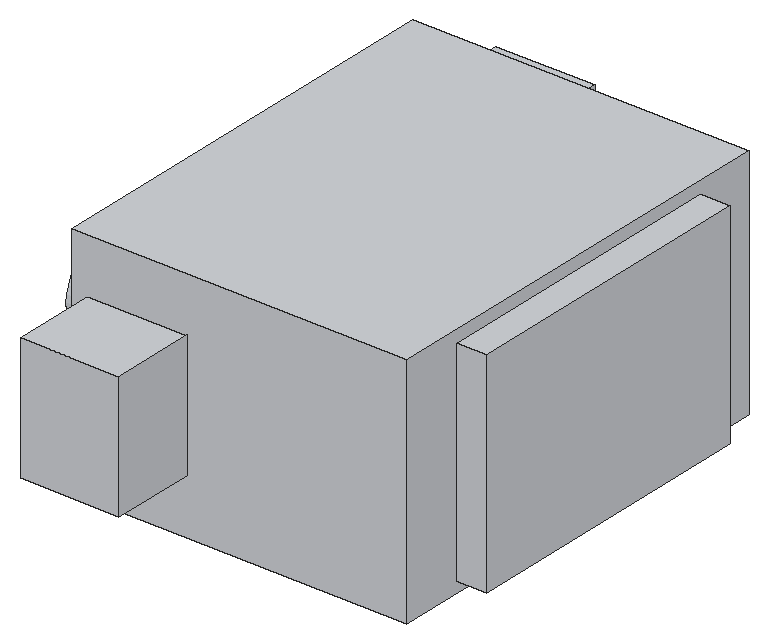
Revit family "88c013f6bdea45d2a3e5b4c77e7bdbd7", category Mechanical Equipment, Revit 2021
Family settings
  Round Connector Dimension = Use Radius
  Part Type = Normal
  OmniClass Number = 23.75.70.21.24.14
  OmniClass Title = Variable Volume Air Terminal Units
  Seek Item ID = VAV Unit - Dual Duct-0000-USA-ENU
  Work Plane-Based = No
  Always vertical = Yes
  Cut with Voids When Loaded = No
  Shared = No
  Room Calculation Point = No
Parameters (values of type "5"x5"")
  Width 4 = Half Overall Width - Width 1  # 0' - 7"
  Width 3 = Half Overall Width - Width 2  # 0' - 7"
  Width 2 = 0' - 7"
  Width 1 = 0' - 7"
  Supply Air Outlet Width = 20"
  Overall Width = 2' - 4"
  Overall Length = 1' - 10"
  Overall Height = Supply Air Outlet Height + 0' 1 1/2"  # 1' - 3 1/2"
  Heat Air Pressure Drop [instance] = 0.06 in-wg
  Heat Air Inlet Radius = 2 1/2"
  Heat Air Inlet Diameter = Heat Air Inlet Radius * 2  # 5"
  Heat Air Flow [instance] = 350 CFM
  Half Overall Width = Overall Width / 2  # 1' - 2"
  Half Overall Height = Overall Height / 2  # 0' - 7 3/4"
  Half Air Outlet Height = Supply Air Outlet Height / 2  # 7"
  Default Elevation = 0' - 0"
  Cool Air Pressure Drop [instance] = 0.06 in-wg
  Cool Air Inlet Radius = 2 1/2"
  Cool Air Inlet Diameter = Cool Air Inlet Radius * 2  # 5"
  Cool Air Flow [instance] = 350 CFM
  Box Material = none
  Supply Air Outlet Height = 14"
Types (13): name | Width 4 | Width 3 | Width 2 | Width 1 | Overall Width | Overall Length | Overall Height | Heat Air Pressure Drop | Heat Air Inlet Radius | Heat Air Inlet Diameter | Heat Air Flow | Half Overall Width | Half Overall Height | Half Air Outlet Height | Cool Air Pressure Drop | Cool Air Inlet Radius | Cool Air Inlet Diameter | Cool Air Flow | Supply Air Outlet Height
  (no name) | 0' - 7" | 0' - 7" | 0' - 7" | 0' - 7" | 2' - 4" | 1' - 10" | 1' - 3 1/2" | 0.06 in-wg | 2 1/2" | 5" | 350 CFM | 1' - 2" | 0' - 7 3/4" | 7" | 0.06 in-wg | 2 1/2" | 5" | 350 CFM | 14"
  5"x5" | 0' - 7" | 0' - 7" | 0' - 7" | 0' - 7" | 2' - 4" | 1' - 10" | 1' - 3 1/2" | 0.06 in-wg | 2 1/2" | 5" | 350 CFM | 1' - 2" | 0' - 7 3/4" | 7" | 0.06 in-wg | 2 1/2" | 5" | 350 CFM | 14"
  6"x5" | 0' - 7" | 0' - 7" | 0' - 7" | 0' - 7" | 2' - 4" | 1' - 10" | 1' - 3 1/2" | 0.06 in-wg | 2 1/2" | 5" | 350 CFM | 1' - 2" | 0' - 7 3/4" | 7" | 0.38 in-wg | 3" | 6" | 500 CFM | 14"
  6"x6" | 0' - 7" | 0' - 7" | 0' - 7" | 0' - 7" | 2' - 4" | 1' - 10" | 1' - 3 1/2" | 0.38 in-wg | 3" | 6" | 500 CFM | 1' - 2" | 0' - 7 3/4" | 7" | 0.38 in-wg | 3" | 6" | 500 CFM | 14"
  8"x6" | 0' - 6" | 0' - 7" | 0' - 7" | 0' - 8" | 2' - 4" | 1' - 10" | 1' - 3 1/2" | 0.38 in-wg | 3" | 6" | 500 CFM | 1' - 2" | 0' - 7 3/4" | 7" | 0.24 in-wg | 4" | 8" | 900 CFM | 14"
  8"x8" | 0' - 6" | 0' - 6" | 0' - 8" | 0' - 8" | 2' - 4" | 1' - 10" | 1' - 3 1/2" | 0.24 in-wg | 4" | 8" | 900 CFM | 1' - 2" | 0' - 7 3/4" | 7" | 0.24 in-wg | 4" | 8" | 900 CFM | 14"
  10"x8" | 0' - 7" | 0' - 6" | 0' - 8" | 0' - 7" | 2' - 4" | 1' - 10" | 1' - 3 1/2" | 0.24 in-wg | 4" | 8" | 900 CFM | 1' - 2" | 0' - 7 3/4" | 7" | 0.17 in-wg | 5" | 10" | 1400 CFM | 14"
  10"x10" | 0' - 7" | 0' - 7" | 0' - 7" | 0' - 7" | 2' - 4" | 1' - 10" | 1' - 3 1/2" | 0.17 in-wg | 5" | 10" | 1400 CFM | 1' - 2" | 0' - 7 3/4" | 7" | 0.17 in-wg | 5" | 10" | 1400 CFM | 14"
  12"x8" | 0' - 10" | 1' - 0" | 0' - 8" | 0' - 10" | 3' - 4" | 2' - 0" | 1' - 9 1/2" | 0.24 in-wg | 4" | 8" | 900 CFM | 1' - 8" | 0' - 10 3/4" | 10" | 0.10 in-wg | 6" | 12" | 2000 CFM | 20"
  12"x10" | 0' - 10" | 0' - 11" | 0' - 9" | 0' - 10" | 3' - 4" | 2' - 0" | 1' - 9 1/2" | 0.17 in-wg | 5" | 10" | 1400 CFM | 1' - 8" | 0' - 10 3/4" | 10" | 0.10 in-wg | 6" | 12" | 2000 CFM | 20"
  12'x12" | 0' - 10" | 0' - 10" | 0' - 10" | 0' - 10" | 3' - 4" | 2' - 0" | 1' - 9 1/2" | 0.10 in-wg | 6" | 12" | 2000 CFM | 1' - 8" | 0' - 10 3/4" | 10" | 0.10 in-wg | 6" | 12" | 2000 CFM | 20"
  14"x14" | 0' - 10" | 0' - 10" | 0' - 10" | 0' - 10" | 3' - 4" | 2' - 0" | 1' - 9 1/2" | 0.19 in-wg | 7" | 14" | 3000 CFM | 1' - 8" | 0' - 10 3/4" | 10" | 0.19 in-wg | 7" | 14" | 3000 CFM | 20"
  16"x16" | 0' - 10" | 0' - 10" | 0' - 10" | 0' - 10" | 3' - 4" | 2' - 0" | 1' - 9 1/2" | 0.10 in-wg | 8" | 16" | 4000 CFM | 1' - 8" | 0' - 10 3/4" | 10" | 0.10 in-wg | 8" | 16" | 4000 CFM | 20"
Reference planes (in)
  plane 1 "Center (Front/Back)": y = 0
  plane 2: z = 0
  plane 3 "Center (Left/Right)": x = 0
  plane 4: x = 22
  plane 5: y = 14
  plane 6: y = -14
  plane 7: z = 15.5
  plane 8: x = 24
  plane 9: y = 10
  plane 10: y = -10
  plane 11: z = 14.75
  plane 12: z = 7.75
  plane 13: x = 1
  plane 14: y = 19.5
  plane 15: y = -19.5
  plane 16: x = -4
  plane 17: y = 7
  plane 18: y = -7
  plane 19: x = 7.5
  plane 20: y = -4.5
  plane 21: y = -9.5
  plane 22: y = 4.5
  plane 23: y = 9.5
  plane 24: z = 11.875
  plane 25: z = 3.625
  plane 26: z = 0.75
Forms (in)
  Extrusion 1, solid, material <- "Box Material"
    sketch origin (0, 0, 0) x (1, 0, 0) y (0, 1, 0)
      loop
        line (0, 14) -> (0, -14) -> (22, -14) -> (22, 14) -> (0, 14)
    from 0 to 15.5
  Extrusion 2, solid, material <- "Box Material"
    sketch origin (0, -4.88773, 3.25) x (1, 0, 0) y (0, 1, 0)
      loop
        line (22, 14.88773) -> (22, -5.11227) -> (24, -5.11227) -> (24, 14.88773) -> (22, 14.88773)
    from -2.5 to 11.5
  Extrusion 3, solid, material <- "Box Material"
    sketch origin (-3.25, 0, 0) x (1, 0, 0) y (0, 1, 0)
      loop
        line (4.25, -14) -> (4.25, -19.5) -> (10.75, -19.5) -> (10.75, -14) -> (4.25, -14)
    from 3.625 to 11.875
  Extrusion 4, solid, material <- "Box Material"
    sketch origin (0, 0, 0) x (1, 0, 0) y (0, 1, 0)
      loop
        line (1, 19.5) -> (1, 14) -> (7.5, 14) -> (7.5, 19.5) -> (1, 19.5)
    from 3.625 to 11.875
  Sweep 5, solid, material <- "Box Material"
    path origin (0, 0, 0) x (1, 0, 0) y (0, 0, 1)
      loop
        line (0, 7.75) -> (-4, 7.75)
    profile origin (-2, 0, 7.75) x (0, 0, -1) y (0, -1, 0)
      loop
        circle (0, -7) r 2.5
  Sweep 6, solid, material <- "Box Material"
    path origin (0, 0, 0) x (1, 0, 0) y (0, 0, 1)
      loop
        line (0, 7.75) -> (-4, 7.75)
    profile origin (-2, 0, 7.75) x (0, 0, -1) y (0, -1, 0)
      loop
        circle (0, 7) r 2.5
Dimensions and locks (in)
  "Overall Length": plane 3 "Center (Left/Right)" to plane 4
  "Half Overall Width": plane 5 to plane 1 "Center (Front/Back)"
  "Half Overall Width": plane 6 to plane 1 "Center (Front/Back)"
  plane 8 to plane 4 = 0' - 2"
  equal spacing: plane 9, plane 1 "Center (Front/Back)", plane 10
  "Overall Height": plane 7 to level
  equal spacing: plane 7, plane 12, level
  plane 14 to plane 5 = 0' - 5 1/2"
  plane 3 "Center (Left/Right)" to plane 16 = 0' - 4"
  "Width 3": plane 17 to plane 1 "Center (Front/Back)"
  "Width 4": plane 1 "Center (Front/Back)" to plane 18
  plane 3 "Center (Left/Right)" to plane 13 = 0' - 1"
  plane 13 to plane 19 = 0' - 6 1/2"
  plane 16 to plane 3 "Center (Left/Right)" = 0' - 4"
  plane 6 to plane 15 = 0' - 5 1/2"
  "Heat Air Inlet Radius": plane 18 to plane 20
  "Heat Air Inlet Radius": plane 18 to plane 21
  "Cool Air Inlet Radius": plane 22 to plane 17
  "Cool Air Inlet Radius": plane 17 to plane 23
  plane 24 to plane 12 = 0' - 4 1/8"
  plane 12 to plane 25 = 0' - 4 1/8"
  "Half Air Outlet Height": plane 11 to plane 12
  "Half Air Outlet Height": plane 12 to plane 26
  plane 9 to plane 1 "Center (Front/Back)" to plane 10 = 0' - 10", 0' - 10"
  "Cool Air Inlet Radius": radius of Sweep 5 sketch curve
  "Heat Air Inlet Radius": radius of Sweep 6 sketch curve
  aligned and locked: Extrusion 1 to plane 3 "Center (Left/Right)"
  aligned and locked: plane 4 to Extrusion 1
  aligned and locked: plane 5 to Extrusion 1
  aligned and locked: plane 6 to Extrusion 1
  aligned and locked: level to Extrusion 1
  aligned and locked: plane 11 to Extrusion 2
  aligned and locked: plane 2 to Extrusion 1
  aligned and locked: Extrusion 2 to plane 11  (x2)
  aligned and locked: plane 7 to Extrusion 1
  aligned and locked: Extrusion 4 to plane 13  (x3)
  aligned and locked: Extrusion 3 to plane 13  (x2)
  aligned and locked: Extrusion 4 to plane 5
  aligned and locked: plane 6 to Extrusion 3
  aligned and locked: plane 14 to Extrusion 4
  aligned and locked: Extrusion 3 to plane 15
  aligned and locked: plane 17 to Sweep 5 sketch curve
  aligned and locked: plane 12 to Sweep 5 sketch curve
  aligned and locked: Sweep 5 to plane 16
  aligned and locked: plane 19 to Extrusion 4  (x3)
  aligned and locked: plane 19 to Extrusion 3  (x2)
  aligned and locked: plane 18 to Sweep 6 sketch curve
  aligned and locked: plane 12 to Sweep 6 sketch curve
  aligned and locked: Sweep 6 to plane 16
  aligned and locked: Extrusion 1 to Sweep 5
  aligned and locked: Extrusion 3 to plane 25
  aligned and locked: plane 24 to Extrusion 3
  aligned and locked: plane 24 to Extrusion 4
  aligned and locked: Extrusion 4 to plane 25
  aligned and locked: plane 13 to Extrusion 3
  aligned and locked: plane 13 to Extrusion 4
  aligned and locked: Extrusion 2 to plane 26
  aligned and locked: plane 8 to Extrusion 2
  aligned and locked: Extrusion 2 to plane 4
  aligned and locked: plane 9 to Extrusion 2
  aligned and locked: Extrusion 2 to plane 10
Automatic sketch dimensions
  Extrusion 1 sketch curve to plane 3 "Center (Left/Right)" = 0' - 0"
  Extrusion 1 sketch curve to plane 4 = 0' - 0"
  plane 1 "Center (Front/Back)" to Extrusion 1 sketch curve = 1' - 2"
  Extrusion 1 sketch curve to plane 1 "Center (Front/Back)" = 1' - 2"
  Extrusion 2 sketch curve to plane 4 = 0' - 0"
  Extrusion 2 sketch curve to Extrusion 2 sketch curve = 0' - 2"
  plane 6 to Extrusion 2 sketch curve = 0' - 4"
  Extrusion 2 sketch curve to plane 5 = 0' - 4"
  plane 3 "Center (Left/Right)" to Extrusion 3 sketch curve = 0' - 1"
  Extrusion 3 sketch curve to Extrusion 3 sketch curve = 0' - 6 1/2"
  Extrusion 3 sketch curve to plane 6 = 0' - 5 1/2"
  Extrusion 3 sketch curve to plane 6 = 0' - 0"
  plane 3 "Center (Left/Right)" to Extrusion 4 sketch curve = 0' - 1"
  plane 5 to Extrusion 4 sketch curve = 0' - 0"
  Extrusion 4 sketch curve to Extrusion 4 sketch curve = 0' - 6 1/2"
  Extrusion 4 sketch curve to Extrusion 4 sketch curve = 0' - 5 1/2"
  Sweep 5 sketch curve to plane 12 = 0' - 0"
  Sweep 5 sketch curve to plane 16 = 0' - 0"
  Sweep 5 sketch curve to plane 3 "Center (Left/Right)" = 0' - 0"
  Sweep 6 sketch curve to plane 12 = 0' - 0"
  Sweep 6 sketch curve to plane 16 = 0' - 0"
  Sweep 6 sketch curve to plane 3 "Center (Left/Right)" = 0' - 0"
Connectors (in)
  hvac at (-4, 7, 7.75), driven by "Cool Air Flow", driven by "Cool Air Inlet Radius", driven by "Cool Air Pressure Drop"
    settings: on Sweep 5, index 1, duct flow 350 CFM, flow factor 0, pres drop 0.06 in-wg, loss coef 0, conn angle 0.00°, conn width 12", conn height 12", conn diameter 5", duct sys type 1, conn prof type 0, flow config 1, flow direction 1, loss method 4, conn ref index -1, conn util no, is conn primary yes, conn desc ""
  hvac at (-4, -7, 7.75), driven by "Heat Air Flow", driven by "Heat Air Inlet Radius", driven by "Heat Air Pressure Drop"
    settings: on Sweep 6, index 2, duct flow 350 CFM, flow factor 0, pres drop 0.06 in-wg, loss coef 0, conn angle 0.00°, conn width 12", conn height 12", conn diameter 5", duct sys type 1, conn prof type 0, flow config 1, flow direction 1, loss method 4, conn ref index -1, conn util no, is conn primary no, conn desc ""
  hvac at (24, 0, 7.75), driven by "Supply Air Outlet Height", driven by "Supply Air Outlet Width"
    settings: on Extrusion 2, index 3, duct flow 0 CFM, flow factor 0, pres drop 0.00 in-wg, loss coef 0, conn angle 0.00°, conn width 20", conn height 14", conn diameter 24", duct sys type 1, conn prof type 1, flow config 0, flow direction 2, loss method 4, conn ref index -1, conn util no, is conn primary no, conn desc ""
